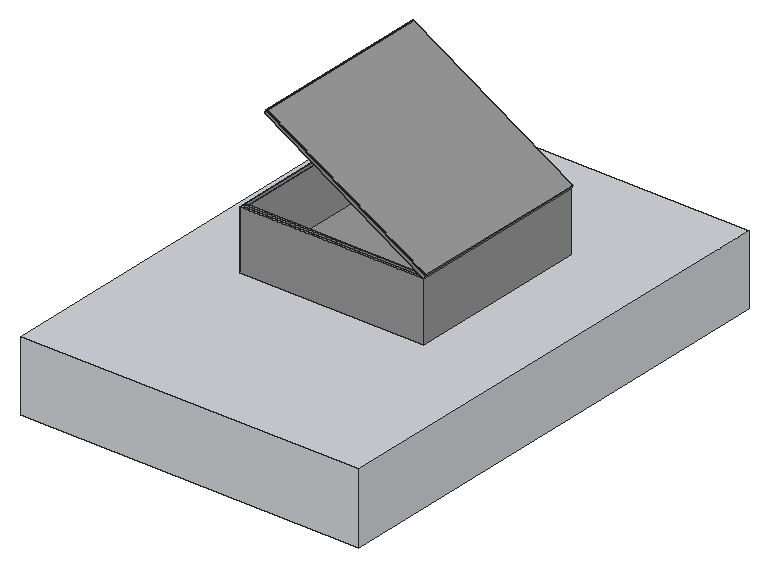
Revit family "Hager-Univers-IP55-D275-H800-Cl.I-Steel_encl-DE-de", category Equipement électrique, Revit 2020
Family settings
  Hôte = Face
  Configuration du panneau = Deux colonnes, circuits au sein
  Cote de connecteur circulaire = Utiliser le diamètre
  Type d'élément = Tableau de raccordement
  Couper avec des vides une fois chargée = Non
  Partagée = Non
  Point de calcul de pièce = Non
Parameters (values of type "Aufputz IP55 B800 H800 T275  - FR53E")
  Width Control [instance] = if([EF000008 - Breite] > Min Width, [EF000008 - Breite], Min Width)  # 800 mm
  Commentaires du type = [HG000003 - Bereich]  # "Univers"
  Thickness Door [instance] = if([EF009171 - Materialstärke Tür/Deckel] > 3 mm, 3 mm, [EF009171 - Materialstärke Tür/Deckel])  # 1.5 mm
  Seal Frame Offset [instance] = 17 mm  # constant formula
  Plinth Visibility [instance] = [HG000027 - Sockelhöhe] > 0 mm  # no
  Model = ""
  Min Width [instance] = 100 mm  # constant formula
  Min Height [instance] = 100 mm  # constant formula
  Min Depth [instance] = (2 * [EF009170 - Materialstärke Gehäuse]) + 1 mm  # 4 mm
  Internal Frame Depth [instance] = (Door System Depth * 0.5)  # 9 mm
  Height Control [instance] = if([EF000040 - Höhe] > Min Height, [EF000040 - Höhe], Min Height)  # 800 mm
  HG000027 - Sockelhöhe = 0 mm
  HG000026 - Stehend auf dem Boden = no
  HG000024 - Höhe des unteren Teils = 800 mm
  HG000023 - Gehäuse mit doppeltem Querschnitt = no
  HG000016 - 3D-Türsichtbarkeit [instance] = yes
  HG000015 - Sichtbarkeit der Türöffnung [instance] = no
  HG000014 - Tür rechts [instance] = yes
  HG000013 - Tür links [instance] = not([HG000014 - Tür rechts])  # no
  HG000012 - Türschwenkwinkel [instance] = 30.00°
  HG000010 - Asymmetrische Türen = no
  HG000009 - Doppelflügeligen Tür = no
  HG000006 - Unterputz = no
  HG000004 - Herstellerreferenz = "FR53E"
  HG000003 - Bereich = "Univers"
  HG000002 - Mit tür = yes
  Frame Offset Bottom [instance] = 10 mm  # constant formula
  Frame Offset [instance] = 15 mm  # constant formula
  EF015940 - Deckel mit Überdruckentlastung = no
  EF011959 - Schutzart (NEMA) = ""
  EF009554 - Anzahl der Öffnungen für Flanschplatten = 6
  Fabricant = "Hager"  # constant formula
  EF009212 - Ausführung Deckel = "EV000116 - geschlossen"
  EF009171 - Materialstärke Tür/Deckel = 1.5 mm
  EF009170 - Materialstärke Gehäuse = 1.5 mm
  EF008873 - Nennstrom (In) = 800 A
  EF007800 - Geeignet für Blitzschutz = no
  EF006306 - Mit Schloss = no
  EF006244 - Transparenter Deckel/Tür = no
  EF005474 - Schutzart (IP) = "EV006420 - IP55"
  EF004464 - Art der Tür = "EV002646 - Einzel"
  EF004427 - Anzahl der Module = 180
  EF004293 - Schlagfestigkeit = "EV008784 - IK10"
  EF003532 - Geeignet für Außengebrauch = no
  EF002950 - Breite in Teilungseinheiten = 24
  EF001613 - Funktionserhalt = "EV000494 - ohne"
  EF001596 - Werkstoff des Gehäuses = "EV000179 - Stahl"
  EF001131 - Innentiefe = 275 mm
  EF001088 - Anbaumöglichkeit = yes
  EF000437 - Anzahl der Leitungseinführungen = 6
  EF000339 - Art der Abdeckung = "EV004216 - Tür"
  EF000266 - Anzahl der Reihen = 5
  EF000218 - Einbautiefe = 0 mm
  EF000118 - Mit Montageplatte = no
  EF000116 - RAL-Nummer = "7035"
  EF000049 - Tiefe = 275 mm
  EF000040 - Höhe = 800 mm
  EF000008 - Breite = 800 mm
  EF000007 - Farbe = "EV000270 - grau"
  EF000003 - Montageart = "EV000384 - Aufputz"
  Door System Leaf Tolerance [instance] = 1.5 mm  # constant formula
  Door System Depth [instance] = 18 mm  # constant formula
  Door Height [instance] = Height Control - [HG000027 - Sockelhöhe]  # 800 mm
  Depth Control [instance] = if([EF000049 - Tiefe] > Min Depth, [EF000049 - Tiefe], Min Depth)  # 275 mm
  Default Elevation = 0 mm
  Connector Offset [instance] = Height Control / 2  # 400 mm
  Bottom Top Plate Trim [instance] = 1.5 mm  # constant formula
  Plinth height Ctrl [instance] = if([HG000027 - Sockelhöhe] > 0 mm, [HG000027 - Sockelhöhe], 12 mm)  # 12 mm
Types (5, lengths in mm): name | Width Control | HG000010 - Asymmetrische Türen | HG000009 - Doppelflügeligen Tür | HG000004 - Herstellerreferenz | EF009554 - Anzahl der Öffnungen für Flanschplatten | EF004464 - Art der Tür | EF004427 - Anzahl der Module | EF000437 - Anzahl der Leitungseinführungen | EF000008 - Breite
  Aufputz IP55 B1050 H800 T275  - FR54E | 1050 | no | yes | "FR54E" | 8 | "EV003602 - Doppel" | 240 | 8 | 1050
  Aufputz IP55 B1300 H800 T275  - FR55E | 1300 | yes | yes | "FR55E" | 10 | "EV003602 - Doppel" | 300 | 10 | 1300
  Aufputz IP55 B300 H800 T275  - FR51E | 300 | no | no | "FR51E" | 2 | "EV002646 - Einzel" | 60 | 2 | 300
  Aufputz IP55 B550 H800 T275  - FR52E | 550 | no | no | "FR52E" | 4 | "EV002646 - Einzel" | 120 | 4 | 550
  Aufputz IP55 B800 H800 T275  - FR53E | 800 | no | no | "FR53E" | 6 | "EV002646 - Einzel" | 180 | 6 | 800
Reference planes
  plane 1 "Center (Front/Back)": y = 0
  plane 2: z = 0
  plane 3 "Center (Left/Right)": x = 0
  plane 4: z = 275
  plane 5: y = 1.5
  plane 6: y = 400
  plane 7: y = 0
  plane 8: y = 800
  plane 9: z = 0
  plane 10: x = -385
  plane 11: x = 385
  plane 12: x = 383.5
  plane 13: x = -383.5
  plane 14: y = 798.5
  plane 15: x = -383
  plane 16: x = -400
  plane 17: x = 383
  plane 18: x = 400
  plane 19: x = 398.5
  plane 20: x = -398.5
  plane 21: y = 11.5
  plane 22: y = 800
  plane 23: y = 783.5
  plane 24: z = 257
  plane 25: z = 1.5
  plane 26: z = 255.5
  plane 27: z = 273.5
Forms (mm)
  Extrusion 1, solid
    sketch origin (0, 0, 0) x (1, 0, 0) y (0, 1, 0)
      loop
        line (-702.964, 1305) -> (-702.964, -811.445) -> (766.763, -811.445) -> (766.763, 1305) -> (-702.964, 1305)
    from 0 to -304.8
  Extrusion 2, solid, material "Hager_Steel_RAL7035_Light_Grey", visible <- "Plinth Visibility", detail levels medium+fine
    sketch origin (0, 0, 0) x (1, 0, 0) y (0, 1, 0)
      loop
        line (-400, 0) -> (400, 0) -> (400, 12) -> (-400, 12) -> (-400, 0)
    from 0 to 257
  Extrusion 3, solid, material "Hager_Steel_RAL7035_Light_Grey", detail levels medium+fine
    sketch origin (0, 0, 0) x (1, 0, 0) y (0, 1, 0)
      loop
        line (-400, 0) -> (400, 0) -> (400, 800) -> (-400, 800) -> (-400, 0)
    from 0 to 257
  Extrusion 4, void
    sketch origin (0, 0, 0) x (1, 0, 0) y (0, 1, 0)
      loop
        line (-398.5, 1.5) -> (398.5, 1.5) -> (398.5, 798.5) -> (-398.5, 798.5) -> (-398.5, 1.5)
    from 1.5 to 255.5
  Extrusion 5, void
    sketch origin (-381.607, -4572, 257) x (0, -1, 0) y (-1, 0, 0)
      loop
        line (-4583.5, 1.893) -> (-5355.5, 1.893) -> (-5355.5, -765.107) -> (-4583.5, -765.107) -> (-4583.5, 1.893)
    from 0 to 1.5 <- "EF009170 - Materialstärke Gehäuse"
  Extrusion 6, solid, material "Hager_Steel_RAL7035_Light_Grey", detail levels fine
    sketch origin (0, 0, 257) x (1, 0, 0) y (0, 1, 0)
      loop
        line (-383.5, 783.5) -> (-383.5, 11.5) -> (383.5, 11.5) -> (383.5, 783.5) -> (-383.5, 783.5)
      loop
        line (-385, 10) -> (385, 10) -> (385, 785) -> (-385, 785) -> (-385, 10)
    from 0 to 9 <- "Internal Frame Depth"
  Extrusion 7, solid, material "Hager_Steel_RAL7035_Light_Grey", detail levels coarse
    sketch origin (0, 0, 0) x (1, 0, 0) y (0, 1, 0)
      loop
        line (-400, 0) -> (400, 0) -> (400, 800) -> (-400, 800) -> (-400, 0)
    from 0 to 275
  Sweep 8, void
    path in 3D
      loop
        line (-400, 12, 0) -> (400, 12, 0) -> (400, 12, 257) -> (-400, 12, 257) -> (-400, 12, 0)
    profile origin (-400, 12, 128.5) x (-1, 0, 0) y (0, -1, 0)
      loop
        line (0, 0) -> (0, 1.5) -> (-1.5, 1.5)
        arc (-1.5, 1.5) -> (-1.061, 0.439) -> (0, 0) r 1.5
Cuts and joins
  Extrusion 4, Extrusion 5 cuts Extrusion 3
  Sweep 8 cuts Extrusion 2
Lines and regions (mm)
  Masking region 1
    outline origin (0, 0, 0) x (1, 0, 0) y (0, 0, 1)
      loop
        line (-400, 275) -> (-400, 0) -> (400, 0) -> (400, 275) -> (-400, 275)
  Masking region 2, detail levels medium+fine
    outline origin (0, 140, 0) x (0, 1, 0) y (0, 0, 1)
      loop
        line (-140, 0) -> (660, 0) -> (660, 257) -> (-140, 257) -> (-140, 0)
  Masking region 3, not visible, detail levels medium+fine
    outline origin (0, 297.922, 0) x (0, 1, 0) y (0, 0, 1)
      loop
        line (113.578, 0) -> (153.578, 0) -> (153.578, 263.5)
        arc (153.578, 263.5) -> (150.649, 270.571) -> (143.578, 273.5) r 10
        line (143.578, 273.5) -> (113.578, 273.5) -> (113.578, 0)
  Masking region 4, detail levels coarse
    outline origin (0, 0, 180) x (0, 1, 0) y (0, 0, 1)
      loop
        line (0, -180) -> (800, -180) -> (800, 95) -> (0, 95) -> (0, -180)
  Masking region 5, visible <- "Plinth Visibility", detail levels medium+fine
    outline origin (0, 52.24, 12.345) x (0, 0, -1) y (0, 1, 0)
      loop
        line (10.845, -40.24) -> (-243.155, -40.24)
        arc (-243.155, -40.24) -> (-243.594, -41.301) -> (-244.655, -41.74) r 1.5
        line (-244.655, -41.74) -> (-244.655, -52.24) -> (12.345, -52.24) -> (12.345, -41.74)
        arc (12.345, -41.74) -> (11.285, -41.301) -> (10.845, -40.24) r 1.5
  Masking region 6, detail levels medium+fine
    outline origin (-381.607, -4572, 257) x (-1, 0, 0) y (0, -1, 0)
      loop
        line (18.393, -5372) -> (18.393, -4572) -> (-781.607, -4572) -> (-781.607, -5372) -> (18.393, -5372)
  Masking region 7, visible <- "Plinth Visibility", detail levels medium+fine
    outline origin (-381.607, -4727, 257) x (-1, 0, 0) y (0, -1, 0)
      loop
        arc (16.893, -4739) -> (17.332, -4737.939) -> (18.393, -4737.5) r 1.5
        line (18.393, -4737.5) -> (18.393, -4727) -> (-781.607, -4727) -> (-781.607, -4737.5)
        arc (-781.607, -4737.5) -> (-780.546, -4737.939) -> (-780.107, -4739) r 1.5
        line (-780.107, -4739) -> (16.893, -4739)
  Masking region 8, detail levels coarse
    outline origin (-442.548, -4669.526, 257) x (-1, 0, 0) y (0, -1, 0)
      loop
        line (-42.548, -5469.526) -> (-42.548, -4669.526) -> (-842.548, -4669.526) -> (-842.548, -5469.526) -> (-42.548, -5469.526)
  sketch lines
    curve 1: line (-400, 12, 257) -> (-400, 12, 0)
    curve 2: line (400, 12, 257) -> (-400, 12, 257)
    curve 3: line (400, 12, 257) -> (400, 12, 0)
    curve 4: line (-400, 12, 0) -> (400, 12, 0)
Dimensions and locks
  "Depth Control": plane 4 to Extrusion 1
  "HG000027 - Sockelhöhe": plane 1 "Center (Front/Back)" to plane 7
  "EF009170 - Materialstärke Gehäuse": plane 5 to plane 7
  locked: connector elem to plane 3 "Center (Left/Right)"
  equal spacing: plane 8, plane 6, plane 7
  locked: connector elem to plane 6
  "EF009170 - Materialstärke Gehäuse": plane 8 to plane 14
  "EF009170 - Materialstärke Gehäuse": plane 10 to plane 13
  "EF009170 - Materialstärke Gehäuse": plane 12 to plane 11
  "Frame Offset": plane 20 to plane 13
  "Frame Offset": plane 12 to plane 19
  "EF009170 - Materialstärke Gehäuse": plane 16 to plane 20
  "EF009170 - Materialstärke Gehäuse": plane 19 to plane 18
  "Seal Frame Offset": plane 16 to plane 15
  "Seal Frame Offset": plane 17 to plane 18
  "Frame Offset Bottom": plane 21 to plane 5
  "Frame Offset": plane 14 to plane 23
  equal spacing: plane 16, plane 3 "Center (Left/Right)", plane 18
  "Width Control": plane 16 to plane 18
  "EF009170 - Materialstärke Gehäuse": plane 4 to plane 27
  "EF009170 - Materialstärke Gehäuse": plane 24 to plane 26
  "EF009170 - Materialstärke Gehäuse": plane 25 to level
  "Door System Depth": plane 4 to plane 24
  "Height Control": plane 1 "Center (Front/Back)" to Extrusion 7 sketch curve
  "Height Control": Masking region 4 sketch curve to plane 1 "Center (Front/Back)"
  "Height Control": plane 1 "Center (Front/Back)" to plane 22
  "Bottom Top Plate Trim": profile plane to Sweep 8 sketch curve
  "Bottom Top Plate Trim": Sweep 8 sketch curve to profile plane
  "Plinth height Ctrl": plane 1 "Center (Front/Back)" to Extrusion 2 sketch curve
  "Plinth height Ctrl": Masking region 5 sketch curve to plane 1 "Center (Front/Back)"
  "Plinth height Ctrl": plane 1 "Center (Front/Back)" to Masking region 7 sketch curve
  "Thickness Door": Extrusion 6 sketch curve to Extrusion 6 sketch curve  (x3)
  "Thickness Door": cut or joined group of Extrusion 3, Extrusion 4, Extrusion 5 to Extrusion 6 sketch curve
  radius of Masking region 3 sketch curve = 10 mm
  "Bottom Top Plate Trim": radius of Masking region 5 sketch curve  (x2)
  "Bottom Top Plate Trim": radius of Sweep 8 sketch curve
  "Bottom Top Plate Trim": radius of Masking region 7 sketch curve  (x2)
  aligned and locked: plane 2 to Extrusion 1
  aligned and locked: level to Extrusion 1
  aligned and locked: level to Masking region 1 sketch curve
  aligned and locked: Masking region 1 sketch curve to plane 18
  aligned and locked: Masking region 1 sketch curve to plane 16
  aligned and locked: plane 7 to Masking region 2 sketch curve
  aligned and locked: level to Masking region 3 sketch curve
  aligned and locked: Masking region 3 sketch curve to plane 27
  aligned and locked: level to Masking region 2 sketch curve
  aligned and locked: plane 1 "Center (Front/Back)" to Extrusion 2 sketch curve
  aligned and locked: Extrusion 3 sketch curve to plane 7
  aligned and locked: plane 16 to Extrusion 3 sketch curve
  aligned and locked: plane 18 to Extrusion 3 sketch curve
  aligned and locked: plane 20 to Extrusion 4 sketch curve
  aligned and locked: plane 19 to Extrusion 4 sketch curve
  aligned and locked: Extrusion 4 sketch curve to plane 5
  aligned and locked: Extrusion 4 to plane 25
  aligned and locked: plane 26 to Extrusion 4
  aligned and locked: plane 24 to Extrusion 3
  aligned and locked: Extrusion 5 sketch curve to plane 21
  aligned and locked: Extrusion 5 sketch curve to plane 13
  aligned and locked: Extrusion 5 sketch curve to plane 12
  aligned and locked: plane 18 to Extrusion 7 sketch curve
  aligned and locked: plane 1 "Center (Front/Back)" to Extrusion 7 sketch curve
  aligned and locked: plane 16 to Extrusion 7 sketch curve
  aligned and locked: plane 4 to Extrusion 7
  aligned and locked: Extrusion 7 to level
  aligned and locked: level to Masking region 4 sketch curve
  aligned and locked: Masking region 4 sketch curve to plane 1 "Center (Front/Back)"
  aligned and locked: Masking region 4 sketch curve to plane 4
  aligned and locked: nested 1 to level
  aligned and locked: nested 1 to plane 16
  aligned and locked: plane 8 to Extrusion 3 sketch curve
  aligned and locked: plane 23 to Extrusion 5 sketch curve
  aligned and locked: plane 14 to Extrusion 4 sketch curve
  aligned and locked: Masking region 2 sketch curve to plane 8
  aligned and locked: level to Masking region 5 sketch curve
  aligned and locked: plane 16 to Extrusion 2 sketch curve
  aligned and locked: plane 18 to Extrusion 2 sketch curve
  aligned and locked: Masking region 5 sketch curve to plane 24
  aligned and locked: Masking region 2 sketch curve to plane 24
  aligned and locked: plane 24 to Extrusion 2
  aligned and locked: profile plane to Sweep 8 sketch curve  (x2)
  aligned and locked: Masking region 6 sketch curve to plane 18
  aligned and locked: Masking region 6 sketch curve to plane 22
  aligned and locked: Masking region 6 sketch curve to plane 16
  aligned and locked: plane 8 to plane 22
  aligned and locked: Masking region 6 sketch curve to plane 7
  aligned and locked: Masking region 7 sketch curve to plane 16
  aligned and locked: Masking region 7 sketch curve to plane 1 "Center (Front/Back)"
  aligned and locked: Masking region 7 sketch curve to plane 18
  aligned and locked: Masking region 8 sketch curve to plane 1 "Center (Front/Back)"
  aligned and locked: Masking region 8 sketch curve to plane 18
  aligned and locked: Masking region 8 sketch curve to plane 22
  aligned and locked: Masking region 8 sketch curve to plane 16
  aligned and locked: nested 2 to plane 7
  aligned and locked: plane 3 "Center (Left/Right)" to nested 2
  aligned and locked: nested 2 to plane 24
  aligned and locked: Extrusion 6 sketch curve to cut or joined group of Extrusion 3, Extrusion 4, Extrusion 5  (x4)
Automatic sketch dimensions
  Extrusion 1 sketch curve to Extrusion 1 sketch curve = 1469.727 mm
  Extrusion 1 sketch curve to Extrusion 1 sketch curve = 2116.445 mm
  Masking region 1 sketch curve to plane 4 = 0 mm
  plane 6 to Masking region 3 sketch curve = 11.5 mm
  Masking region 3 sketch curve to Masking region 3 sketch curve = 30 mm
  Masking region 5 sketch curve to plane 1 "Center (Front/Back)" = 0 mm
Nested families
  nested 1: "Hager_Enclosure_Symbol" at (-400, 0, 0) x (1, 0, 0) z (0, -1, 0), Height <- "Depth Control", Width <- "Width Control", type "Hager_Enclosure_Symbol"
    with Width_Ctrl 800 mm, Width 800 mm, Height_Ctrl 275 mm, Height 275 mm, A_Width_Int 18.047 mm, A_Width 216.562 mm, A_Height_Ctrl 240.625 mm, A_Height 240.625 mm
  nested 2: "EC000058_Univers_Door" at (0, 0, 257) x (1, 0, 0) z (0, 1, 0), Leaf_Tolerance <- "Door System Leaf Tolerance", Angle <- "HG000012 - Türschwenkwinkel", Door_Depth <- "Door System Depth", Door_Left <- "HG000013 - Tür links", Transparent <- "EF006244 - Transparenter Deckel/Tür", Assymetrical <- "HG000010 - Asymmetrische Türen", Width <- "Width Control", Clearance <- "HG000015 - Sichtbarkeit der Türöffnung", Double <- "HG000009 - Doppelflügeligen Tür", 3d_Door <- "HG000016 - 3D-Türsichtbarkeit", Lock_Visibility <- "EF006306 - Mit Schloss", Width_Ctrl <- "Width Control", Door_Right <- "HG000014 - Tür rechts", Door <- "HG000002 - Mit tür", Height <- "Door Height", Thickness <- "Thickness Door", type "EC000058_Univers_Door", detail levels medium+fine
    with min_wh 4 mm, Width_Ctrl 800 mm, Width 800 mm, Transparent no, Thickness 1.5 mm, Seal_Material Hager_Rubber, Lock_Visibility no, Lock_Material Hager_Plastic_RAL9005_Jet_Black, Leaf_Width 800 mm, Leaf_Tolerance_External_Sides 0 mm, Leaf_Tolerance 1.5 mm, Leaf_Offset 0 mm, Leaf_Height 797 mm, Leaf_2_Width 800 mm, Leaf_2_Offset 400 mm, Leaf_1_Width 800 mm, Leaf_1_Offset 400 mm, Height_Ctrl 800 mm, Height 800 mm, Glass_Material Hager_Glass, Double_Clearance_Ctrl no, Double no, Door_Right_Ctrl yes, Door_Right yes, Door_Material Hager_Steel_RAL7035_Light_Grey, Door_Left_Ctrl no, Door_Left no, Door_Depth 18 mm, Door yes, Clearance_Material Hager_Clearance, Clearance_Depth 800 mm, Clearance_Ctrl no, Clearance no, Assymetrical no, Angle 30.00°, 3d_Door yes
Connectors
  electrical at (0, 400, 0)
    settings: on plane 9, index 1, voltage 0 V, apparent load 0 VA, apparent load phase1 0 VA, apparent load phase2 0 VA, apparent load phase3 0 VA, power factor 1, load classification "Other", number of poles 1, system type 30, power factor state 1, is connector primary yes, connector utility no, sub classification motor no, connector description ""
Definition of nested family "EC000058_Univers_Door"
  Parameters (values of type "EC000058_Univers_Door")
    min_wh [instance] = (2 * Thickness) + 1 mm  # 11 mm
    Width_Ctrl [instance] = 400 mm
    Width [instance] = 500 mm
    Transparent [instance] = yes
    Thickness [instance] = 5 mm
    Seal_Material [instance] = none
    Lock_Visibility [instance] = yes
    Lock_Material [instance] = none
    Leaf_Width [instance] = if((Width_Ctrl - 2 * Leaf_Tolerance_External_Sides) > 0 mm, (Width_Ctrl - 2 * Leaf_Tolerance_External_Sides), min_wh)  # 400 mm
    Leaf_Tolerance_External_Sides [instance] = 0 mm  # constant formula
    Leaf_Tolerance [instance] = 1.5 mm
    Leaf_Offset [instance] = 0 mm  # constant formula
    Leaf_Height [instance] = if((Height_Ctrl - 2 * Leaf_Tolerance) > 0 mm, (Height_Ctrl - 2 * Leaf_Tolerance), min_wh)  # 497 mm
    Leaf_2_Width [instance] = if(and(and(Double, Assymetrical), Door_Left), (Leaf_Width / 3) - (Leaf_Tolerance / 2), if(and(and(Double, Assymetrical), Door_Right), (Leaf_Width / 3) * 2 - (Leaf_Tolerance / 2), if(and(Double, not(Assymetrical)), (Leaf_Width / 2) - Leaf_Tolerance, Leaf_Width)))  # 400 mm
    Leaf_2_Offset [instance] = if(and(Double, Assymetrical), Leaf_2_Width / 2, if(and(Double, not(Assymetrical)), Leaf_Width / 4, Leaf_Width / 2))  # 200 mm
    Leaf_1_Width [instance] = if(and(and(Double, Assymetrical), Door_Right), (Leaf_Width / 3) - (Leaf_Tolerance / 2), if(and(and(Double, Assymetrical), Door_Left), (Width / 3) * 2 - (Leaf_Tolerance / 2), if(and(Double, not(Assymetrical)), (Leaf_Width / 2) - Leaf_Tolerance, Leaf_Width)))  # 400 mm
    Leaf_1_Offset [instance] = if(and(Double, Assymetrical), Leaf_1_Width / 2, if(and(Double, not(Assymetrical)), Leaf_Width / 4, Leaf_Width / 2))  # 200 mm
    Height_Ctrl [instance] = if(Height > min_wh, Height, min_wh)  # 500 mm
    Height [instance] = 500 mm
    Glass_Material [instance] = none
    Double_Clearance_Ctrl [instance] = and(Double, Clearance)  # no
    Double [instance] = no
    Door_Right_Ctrl [instance] = and(or(Door_Right, Double), Door)  # yes
    Door_Right [instance] = yes
    Door_Material [instance] = none
    Door_Left_Ctrl [instance] = and(or(Door_Left, Double), Door)  # no
    Door_Left [instance] = no
    Door_Depth [instance] = 30 mm
    Door [instance] = yes
    Default Elevation = 1219.2 mm
    Clearance_Material [instance] = none
    Clearance_Depth [instance] = if(Leaf_1_Width > Leaf_2_Width, Leaf_1_Width, Leaf_2_Width)  # 400 mm
    Clearance_Ctrl [instance] = and(not(Double), Clearance)  # yes
    Clearance [instance] = yes
    Assymetrical [instance] = yes
    Angle [instance] = 30.00°
    3d_Door [instance] = yes
  Reference planes
    plane 1 "Center (Front/Back)": y = 0
    plane 2 "Bottom": z = 0
    plane 3 "Center (Left/Right)": x = 0
    plane 4: z = 500
    plane 5: x = -200
    plane 6: x = 200
    plane 7: z = 500
    plane 8: x = -200
    plane 9: z = 0
    plane 10: x = 200
    plane 11: y = 0
    plane 12: z = 1.5
    plane 13: x = -600
    plane 14: y = -400
    plane 15: x = 600
    plane 16: x = 0
    plane 17: x = 0
    plane 18: x = -200
    plane 19: x = 200
    plane 20: z = 498.5
  Forms (mm)
    Extrusion 1, solid, material <- "Clearance_Material", visible <- "Double_Clearance_Ctrl"
      sketch origin (1200, 0, 0) x (1, 0, 0) y (0, 0, -1)
        loop
          line (-1800, -498.5) -> (-600, -498.5) -> (-600, 0) -> (-1800, 0) -> (-1800, -498.5)
      from 0 to -400
  Dimensions and locks
    equal spacing: plane 5, plane 3 "Center (Left/Right)", plane 6
    "Width_Ctrl": plane 5 to plane 6
    "Leaf_Offset": plane 5 to plane 8
    "Leaf_Offset": plane 6 to plane 10
    "Leaf_Offset": plane 9 to level
    "Leaf_Offset": plane 4 to plane 7
    "Height_Ctrl": plane 4 to level
    "Leaf_Tolerance": plane 12 to plane 9
    locked: plane 11 to plane 1 "Center (Front/Back)"
    "Leaf_1_Offset": plane 18 to plane 16
    "Leaf_2_Offset": plane 17 to plane 19
    "Leaf_1_Width": plane 13 to plane 8
    "Leaf_2_Width": plane 10 to plane 15
    "Clearance_Depth": plane 14 to plane 1 "Center (Front/Back)"
    "Leaf_Tolerance_External_Sides": plane 8 to plane 18
    "Leaf_Tolerance_External_Sides": plane 19 to plane 10
    "Leaf_Tolerance": plane 7 to plane 20
    aligned and locked: level to plane 2 "Bottom"
    aligned and locked: nested 1 to plane 16
    aligned and locked: nested 2 to plane 17
    aligned and locked: Extrusion 1 to plane 13
    aligned and locked: plane 15 to Extrusion 1
    aligned and locked: Extrusion 1 to plane 14
    aligned and locked: plane 12 to nested 1
    aligned and locked: nested 2 to plane 12
    aligned and locked: Extrusion 1 to plane 11
    aligned and locked: plane 20 to Extrusion 1
    aligned and locked: nested 2 to plane 11
    aligned and locked: nested 1 to plane 11
  Automatic sketch dimensions
    Extrusion 1 sketch curve to level = 0 mm
    plane 5 to Extrusion 1 sketch curve = 400 mm
    plane 6 to Extrusion 1 sketch curve = 400 mm
    Extrusion 1 sketch curve to plane 4 = 1.5 mm
  Nested families
    nested 1: "EC000058_Univers_Door_Leaf" at (0, 0, 1.5), Width <- "Leaf_1_Width", visible <- "Door_Left_Ctrl", Leaf_Height <- "Leaf_Height", Angle <- "Angle", 3d_Door <- "3d_Door", Transparent <- "Transparent", Clearance Material <- "Clearance_Material", Clearance <- "Clearance_Ctrl", Door_Material <- "Door_Material", Glass_Material <- "Glass_Material", Door_Depth <- "Door_Depth", Lock_Material <- "Lock_Material", Seal_Material <- "Seal_Material", Lock_Visibility <- "Lock_Visibility", Thickness <- "Thickness", type "EC000058_Univers_Door_Leaf"
      with Width 400 mm, Transparent_Glass_Offset 30 mm, Transparent_Ctrl yes, Transparent yes, Thickness 5 mm, Standard no, Seal_Material none, Seal_D2 8 mm, Seal_D1 1 mm, Offset_Internal_Frame 10 mm, Lock_Width 20 mm, Lock_Visibility_3d yes, Lock_Visibility yes, Lock_Thickness_3 3 mm, Lock_Thickness_2 1 mm, Lock_Thickness_1 3 mm, Lock_Radius_Offset_2 16 mm, Lock_Radius_Offset_1 15 mm, Lock_Radius_2 5 mm, Lock_Radius 6 mm, Lock_Offset 5 mm, Lock_Material none, Lock_Height 80 mm, Lock_Cover_Top_Offset_2d 17 mm, Lock_Cover_Height -65 mm, Leaf_Height 497 mm, Internal_Seal_Thickness 8 mm, Internal_Seal_Depth_2 4.5 mm, Internal_Frame_Depth 25 mm, Glass_Thickness -1 mm, Glass_Offset -2 mm, Glass_Material none, Door_Material none, Door_Depth 30 mm, Clearance Material none, Clearance yes, Angle_Ctrl 30.00°, Angle 30.00°, 3d_Door yes
    nested 2: "EC000058_Univers_Door_Leaf" at (0, 0, 1.5) x (-1, 0, 0) z (0, 0, 1), Width <- "Leaf_2_Width", visible <- "Door_Right_Ctrl", Leaf_Height <- "Leaf_Height", Angle <- "Angle", 3d_Door <- "3d_Door", Transparent <- "Transparent", Clearance Material <- "Clearance_Material", Clearance <- "Clearance_Ctrl", Door_Material <- "Door_Material", Glass_Material <- "Glass_Material", Door_Depth <- "Door_Depth", Lock_Material <- "Lock_Material", Seal_Material <- "Seal_Material", Lock_Visibility <- "Lock_Visibility", Thickness <- "Thickness", type "EC000058_Univers_Door_Leaf"
      with Width 400 mm, Transparent_Glass_Offset 30 mm, Transparent_Ctrl yes, Transparent yes, Thickness 5 mm, Standard no, Seal_Material none, Seal_D2 8 mm, Seal_D1 1 mm, Offset_Internal_Frame 10 mm, Lock_Width 20 mm, Lock_Visibility_3d yes, Lock_Visibility yes, Lock_Thickness_3 3 mm, Lock_Thickness_2 1 mm, Lock_Thickness_1 3 mm, Lock_Radius_Offset_2 16 mm, Lock_Radius_Offset_1 15 mm, Lock_Radius_2 5 mm, Lock_Radius 6 mm, Lock_Offset 5 mm, Lock_Material none, Lock_Height 80 mm, Lock_Cover_Top_Offset_2d 17 mm, Lock_Cover_Height -65 mm, Leaf_Height 497 mm, Internal_Seal_Thickness 8 mm, Internal_Seal_Depth_2 4.5 mm, Internal_Frame_Depth 25 mm, Glass_Thickness -1 mm, Glass_Offset -2 mm, Glass_Material none, Door_Material none, Door_Depth 30 mm, Clearance Material none, Clearance yes, Angle_Ctrl 30.00°, Angle 30.00°, 3d_Door yes
  Definition of nested family "EC000058_Univers_Door_Leaf"
    Parameters (values of type "EC000058_Univers_Door_Leaf")
      Width [instance] = 2000 mm
      Transparent_Glass_Offset [instance] = 30 mm
      Transparent_Ctrl [instance] = and(Transparent, [3d_Door])  # yes
      Transparent [instance] = yes
      Thickness [instance] = 5 mm
      Standard [instance] = and(not(Transparent), [3d_Door])  # no
      Seal_Material [instance] = none
      Seal_D2 [instance] = 8 mm  # constant formula
      Seal_D1 [instance] = 1 mm  # constant formula
      Offset_Internal_Frame [instance] = 10 mm  # constant formula
      Lock_Width [instance] = 20 mm  # constant formula
      Lock_Visibility_3d [instance] = and(Lock_Visibility, [3d_Door])  # yes
      Lock_Visibility [instance] = yes
      Lock_Thickness_3 [instance] = 3 mm  # constant formula
      Lock_Thickness_2 [instance] = 1 mm  # constant formula
      Lock_Thickness_1 [instance] = 3 mm  # constant formula
      Lock_Radius_Offset_2 [instance] = Lock_Radius_Offset_1 + 1 mm  # 16 mm
      Lock_Radius_Offset_1 [instance] = 15 mm  # constant formula
      Lock_Radius_2 [instance] = Lock_Radius - 1 mm  # 5 mm
      Lock_Radius [instance] = 6 mm  # constant formula
      Lock_Offset [instance] = 5 mm  # constant formula
      Lock_Material [instance] = none
      Lock_Height [instance] = 80 mm  # constant formula
      Lock_Cover_Top_Offset_2d [instance] = Lock_Radius_Offset_2 + 1 mm  # 17 mm
      Lock_Cover_Height [instance] = -(Lock_Height - Lock_Radius_Offset_1)  # -65 mm
      Leaf_Height [instance] = 2720.336 mm
      Internal_Seal_Thickness [instance] = 8 mm  # constant formula
      Internal_Seal_Depth_2 [instance] = 4.5 mm  # constant formula
      Internal_Frame_Depth [instance] = if(Door_Depth - Thickness > 5 mm, Door_Depth - Thickness, 5 mm)  # 25 mm
      Glass_Thickness [instance] = if(Thickness > 15 mm, Glass_Offset + 10 mm, -1 mm)  # -1 mm
      Glass_Offset [instance] = if(Thickness > 15 mm, -(Thickness + 10 mm) / 2, -2 mm)  # -2 mm
      Glass_Material [instance] = none
      Door_Material [instance] = none
      Door_Depth [instance] = 30 mm
      Default Elevation = 0 mm
      Clearance Material [instance] = none
      Clearance [instance] = yes
      Angle_Ctrl [instance] = if(Angle > 180.00°, 180.00°, Angle)  # 90.00°
      Angle [instance] = 90.00°
      3d_Door [instance] = yes
    Reference planes
      plane 1 "Center (Front/Back)": y = 0
      plane 2: z = 0
      plane 3 "Center (Left/Right)": x = 0
      plane 4: y = 2000
      plane 5: x = -1000
      plane 6: x = 1000
      plane 7: x = -3000
      plane 8: z = 2720.336
      plane 9: z = 30
      plane 10: z = 2690.336
      plane 11: x = 970
      plane 12: x = -970
      plane 13: y = -3
      plane 14: z = 107.833
      plane 15: y = -5
      plane 16: y = -223.314
      plane 17: x = -1000
      plane 18: z = 1360.168
      plane 19: y = 30
    Forms (mm)
      Extrusion 1, solid, material <- "Clearance Material", visible <- "Clearance"
        sketch origin (0, 0, 0) x (1, 0, 0) y (0, 0, 1)
          loop
            line (-3000, 2720.336) -> (-3000, 0) -> (1000, 0) -> (1000, 2720.336) -> (-3000, 2720.336)
        from 0 to -2000
      Extrusion 2, solid, material <- "Door_Material", visible <- "Standard", detail levels medium+fine
        sketch origin (-1000, 0, 0) x (0, 1, 0) y (-1, 0, 0)
          loop
            line (0, 30) -> (0, 25) -> (2000, 25) -> (2000, 30) -> (0, 30)
        from 0 to 2720.336 <- "Leaf_Height"
      Extrusion 3, solid, material <- "Door_Material", visible <- "Transparent_Ctrl", detail levels medium+fine
        sketch origin (-1000, 0, 0) x (0, 1, 0) y (-1, 0, 0)
          loop
            line (0, 25) -> (2000, 25) -> (2000, 30) -> (0, 30) -> (0, 25)
        from 0 to 2720.336 <- "Leaf_Height"
      Extrusion 4, void
        sketch origin (-1025, 2000, 0) x (0, 1, 0) y (0, 0, -1)
          loop
            line (-30, -2690.336) -> (-30, -30) -> (-1970, -30) -> (-1970, -2690.336) -> (-30, -2690.336)
        from 0 to 5 <- "Thickness"
      Sweep 5, solid, material <- "Seal_Material", visible <- "Transparent_Ctrl", detail levels fine
        path in 3D
          loop
            line (-1025, 30, 30) -> (-1025, 30, 2690.336) -> (-1025, 1970, 2690.336) -> (-1025, 1970, 30) -> (-1025, 30, 30)
        profile origin (-1025, 1000, 30) x (1, 0, 0) y (0, 0, 1)
          loop
            line (0, 0) -> (0, -8) -> (1, -8) -> (1, 0) -> (0, 0)
      Extrusion 6, solid, material <- "Glass_Material", visible <- "Transparent_Ctrl", detail levels medium+fine
        sketch origin (-1030, 0, 0) x (0, 1, 0) y (0, 0, -1)
          loop
            line (1970, -2690.336) -> (1970, -30) -> (30, -30) -> (30, -2690.336) -> (1970, -2690.336)
        from -2 <- "Glass_Offset" to -1 <- "Glass_Thickness"
      Extrusion 7, solid, material <- "Door_Material", visible <- "3d_Door", detail levels medium+fine
        sketch origin (-1025, 2000, 0) x (0, -1, 0) y (0, 0, -1)
          loop
            line (0, -2720.336) -> (2000, -2720.336) -> (2000, 0) -> (0, 0) -> (0, -2720.336)
          loop
            line (1995, -5) -> (5, -5) -> (5, -2715.336) -> (1995, -2715.336) -> (1995, -5)
        from 0 to 25 <- "Internal_Frame_Depth"
      Sweep 8, solid, material <- "Seal_Material", visible <- "Transparent_Ctrl", detail levels fine
        path in 3D
          loop
            line (-1025, 0, 0) -> (-1025, 2000, 0) -> (-1025, 2000, 2720.336) -> (-1025, 0, 2720.336) -> (-1025, 0, 0)
        profile origin (-1025, 0, 1360.168) x (1, 0, 0) y (0, 1, 0)
          loop
            line (0, 10) -> (2.975, 10)
            arc (2.975, 10) -> (4.053, 10.447) -> (4.5, 11.525) r 1.525
            line (4.5, 11.525) -> (4.5, 16.527)
            arc (4.5, 16.527) -> (4.069, 17.569) -> (3.027, 18) r 1.473
            line (3.027, 18) -> (0, 18) -> (0, 10)
      Extrusion 9, solid, material <- "Lock_Material", visible <- "Lock_Visibility_3d", detail levels fine
        sketch origin (-1030, 0, 0) x (0, 1, 0) y (0, 0, -1)
          loop
            arc (1993.5, -1400.168) -> (1994.561, -1399.729) -> (1995, -1398.668) r 1.5
            line (1995, -1398.668) -> (1995, -1320.168) -> (1975, -1320.168) -> (1975, -1398.668)
            arc (1975, -1398.668) -> (1975.439, -1399.729) -> (1976.5, -1400.168) r 1.5
            line (1976.5, -1400.168) -> (1993.5, -1400.168)
        from 3 <- "Lock_Thickness_1" to 0
      Blend 10, solid, material <- "Lock_Material", visible <- "Lock_Visibility_3d", detail levels fine
        base sketch origin (-1033, 0, 0) x (0, 1, 0) y (0, 0, -1)
          loop
            line (1975, -1320.168) -> (1975, -1398.668)
            arc (1975, -1398.668) -> (1975.439, -1399.729) -> (1976.5, -1400.168) r 1.5
            line (1976.5, -1400.168) -> (1993.5, -1400.168)
            arc (1993.5, -1400.168) -> (1994.561, -1399.729) -> (1995, -1398.668) r 1.5
            line (1995, -1398.668) -> (1995, -1320.168) -> (1975, -1320.168)
        top sketch origin (-1033, 0, 0) x (0, 1, 0) y (0, 0, -1)
          loop
            line (1976, -1320.168) -> (1976, -1398.668)
            arc (1976, -1398.668) -> (1976.146, -1399.022) -> (1976.5, -1399.168) r 0.5
            line (1976.5, -1399.168) -> (1993.5, -1399.168)
            arc (1993.5, -1399.168) -> (1993.854, -1399.022) -> (1994, -1398.668) r 0.5
            line (1994, -1398.668) -> (1994, -1320.168) -> (1976, -1320.168)
        from 0 to 1 <- "Lock_Thickness_2"
      Blend 11, solid, material <- "Lock_Material", visible <- "Lock_Visibility_3d", detail levels fine
        base sketch origin (-1034, 0, 0) x (0, 1, 0) y (0, 0, -1)
          loop
            line (1978, -1320.168) -> (1978, -1384.168)
            arc (1978, -1384.168) -> (1985, -1391.168) -> (1992, -1384.168) r 7
            line (1992, -1384.168) -> (1992, -1320.168) -> (1978, -1320.168)
        top sketch origin (-1034, 0, 0) x (0, 1, 0) y (0, 0, -1)
          loop
            line (1991, -1320.168) -> (1979, -1320.168) -> (1979, -1383.168)
            arc (1979, -1383.168) -> (1985, -1389.168) -> (1991, -1383.168) r 6
            line (1991, -1383.168) -> (1991, -1320.168)
        from 0 to 3 <- "Lock_Thickness_3"
      Extrusion 12, solid, material <- "Lock_Material", visible <- "Lock_Visibility_3d", detail levels fine
        sketch origin (-1030, 1975, 1320.168) x (1, 0, 0) y (0, -1, 0)
          loop
            line (-7, -19) -> (-7, -1) -> (0, -1) -> (0, 0) -> (-8, 0) -> (-8, -20) -> (0, -20) -> (0, -19) -> (-7, -19)
        from 0 to -65 <- "Lock_Cover_Height"
      Extrusion 13, void
        sketch origin (-1038, 1995, 1320.168) x (-1, 0, 0) y (0, 0, -1)
          loop
            line (-5, -65) -> (0, -65) -> (-5, -60) -> (-5, -65)
        from 0 to 20 <- "Lock_Width"
      Extrusion 14, void
        sketch origin (-1038, 1975, 1320.168) x (0, -1, 0) y (0, 0, -1)
          loop
            circle (-10, -15.995) r 6
          loop
            circle (-10, -15.995) r 5
        from 0 to 2
      Extrusion 15, solid, material <- "Lock_Material", visible <- "Lock_Visibility_3d", detail levels medium
        sketch origin (-1030, 0, 0) x (0, 1, 0) y (0, 0, -1)
          loop
            arc (1993.5, -1400.168) -> (1994.561, -1399.729) -> (1995, -1398.668) r 1.5
            line (1995, -1398.668) -> (1995, -1320.168) -> (1975, -1320.168) -> (1975, -1398.668)
            arc (1975, -1398.668) -> (1975.439, -1399.729) -> (1976.5, -1400.168) r 1.5
            line (1976.5, -1400.168) -> (1993.5, -1400.168)
        from 8 to 0
    Cuts and joins
      Extrusion 4 cuts Extrusion 3
      Extrusion 13, Extrusion 14 cuts Extrusion 9
      Extrusion 14 cuts Blend 11
      Extrusion 13, Extrusion 14 cuts Extrusion 12
      joined: Extrusion 9, Blend 10, Blend 11, Extrusion 12
      Extrusion 14 cuts Extrusion 15
    Lines and regions (mm)
      Masking region 1, visible <- "Lock_Visibility", detail levels fine
        outline origin (0, 0, 0) x (0, 1, 0) y (0, 0, 1)
          loop
            line (30, 1320.168) -> (33, 1320.168) -> (33, 1400.168) -> (30, 1400.168) -> (30, 1320.168)
      Masking region 2, visible <- "Lock_Visibility", detail levels fine
        outline origin (0, 3.143, 0) x (0, 1, 0) y (0, 0, 1)
          loop
            line (29.857, 1354.168) -> (30.857, 1354.168) -> (30.857, 1366.168) -> (29.857, 1366.168) -> (29.857, 1354.168)
      Masking region 3, detail levels medium+fine
        outline origin (0, 0, 0) x (0, 1, 0) y (0, 0, 1)
          loop
            line (0, 0) -> (30, 0) -> (30, 2720.336) -> (0, 2720.336) -> (0, 0)
      Masking region 4, detail levels medium+fine
        outline origin (0, 0, 0) x (1, 0, 0) y (0, 0, 1)
          loop
            line (-1000, 2720.336) -> (-1000, 0) -> (1000, 0) -> (1000, 2720.336) -> (-1000, 2720.336)
      Masking region 5, visible <- "Lock_Visibility", detail levels fine
        outline origin (-47.116, 0, 0) x (1, 0, 0) y (0, 0, 1)
          loop
            arc (1024.616, 1399.168) -> (1023.556, 1398.729) -> (1023.116, 1397.668) r 1.5
            line (1023.116, 1397.668) -> (1023.116, 1320.168) -> (1041.116, 1320.168) -> (1041.116, 1397.668)
            arc (1041.116, 1397.668) -> (1040.677, 1398.729) -> (1039.616, 1399.168) r 1.5
            line (1039.616, 1399.168) -> (1024.616, 1399.168)
      Masking region 6, visible <- "Lock_Visibility", detail levels medium+fine
        outline origin (-25, 0, 0) x (1, 0, 0) y (0, 0, 1)
          loop
            arc (1001.5, 1400.168) -> (1000.439, 1399.729) -> (1000, 1398.668) r 1.5
            line (1000, 1398.668) -> (1000, 1320.168) -> (1020, 1320.168) -> (1020, 1398.668)
            arc (1020, 1398.668) -> (1019.561, 1399.729) -> (1018.5, 1400.168) r 1.5
            line (1018.5, 1400.168) -> (1001.5, 1400.168)
      Masking region 7, visible <- "Lock_Visibility", detail levels fine
        outline origin (-73.735, 0, 0) x (1, 0, 0) y (0, 0, 1)
          loop
            line (1051.735, 1382.168) -> (1065.735, 1382.168) -> (1065.735, 1384.168)
            arc (1065.735, 1384.168) -> (1058.735, 1391.168) -> (1051.735, 1384.168) r 7
            line (1051.735, 1384.168) -> (1051.735, 1382.168)
      Masking region 8, visible <- "Lock_Visibility", detail levels fine
        outline origin (-73.735, 0, 0) x (1, 0, 0) y (0, 0, 1)
          loop
            line (1052.735, 1382.168) -> (1064.735, 1382.168) -> (1064.735, 1383.168)
            arc (1064.735, 1383.168) -> (1058.735, 1389.168) -> (1052.735, 1383.168) r 6
            line (1052.735, 1383.168) -> (1052.735, 1382.168)
      Masking region 9, visible <- "Lock_Visibility", detail levels fine
        outline origin (-25, 0, 0) x (1, 0, 0) y (0, 0, 1)
          loop
            line (1020, 1320.168) -> (1020, 1382.168) -> (1000, 1382.168) -> (1000, 1320.168) -> (1020, 1320.168)
      Masking region 10, detail levels medium+fine
        outline origin (0, 0, 0) x (1, 0, 0) y (0, 0, 1)
          loop
            circle (985, 1335.144) r 6
      Masking region 11, detail levels fine
        outline origin (0, 0, 0) x (1, 0, 0) y (0, 0, 1)
          loop
            circle (985, 1335.144) r 5
      Masking region 12, visible <- "Lock_Visibility", detail levels fine
        outline origin (0, 12.767, 0) x (0, 1, 0) y (0, 0, 1)
          loop
            line (20.233, 1320.168) -> (21.233, 1320.168) -> (21.233, 1399.168) -> (20.233, 1400.168) -> (20.233, 1320.168)
      Masking region 13, visible <- "Lock_Visibility", detail levels fine
        outline origin (0, 13.767, -10) x (0, 1, 0) y (0, 0, 1)
          loop
            line (20.233, 1330.168) -> (23.233, 1330.168) -> (23.233, 1399.168) -> (20.233, 1402.168) -> (20.233, 1330.168)
      Masking region 14, visible <- "Lock_Visibility", detail levels fine
        outline origin (0, 12.767, -10) x (0, 1, 0) y (0, 0, 1)
          loop
            line (20.233, 1330.168) -> (25.233, 1330.168) -> (25.233, 1399.305) -> (20.233, 1394.305) -> (20.233, 1330.168)
      Masking region 15, visible <- "Lock_Visibility", detail levels medium
        outline origin (0, 0, 0) x (0, 1, 0) y (0, 0, 1)
          loop
            line (30, 1320.168) -> (38, 1320.168) -> (38, 1400.168) -> (30, 1400.168) -> (30, 1320.168)
      Masking region 16, visible <- "Lock_Visibility", detail levels fine
        outline origin (-1000, 0, 0) x (0, 1, 0) y (-1, 0, 0)
          loop
            line (1975, 30) -> (1995, 30) -> (1995, 38) -> (1975, 38) -> (1975, 30)
          loop
            line (1979, 37) -> (1976, 37) -> (1976, 34) -> (1978, 34) -> (1979, 37)
          loop
            line (1994, 37) -> (1991, 37) -> (1992, 34) -> (1994, 34) -> (1994, 37)
      Masking region 17, visible <- "Lock_Visibility", detail levels medium
        outline origin (-1000, 0, 0) x (0, 1, 0) y (-1, 0, 0)
          loop
            line (1975, 30) -> (1995, 30) -> (1995, 38) -> (1975, 38) -> (1975, 30)
      symbolic lines
        curve 1: line (1000, 0, 0) -> (-3000, 0, 0)
        curve 2: arc (1000, 0, 0) -> (-1000, 2000, 0) -> (-3000, 0, 0) r 2000
        curve 4: line (-1030, 0, 0) -> (-1030, 2000, 0)
      reference lines
        curve 3: line (-1000, 0, 0) -> (-1000, 2000, 0)
      symbolic lines, detail levels medium+fine
        curve 5: line (-1030, 2000, 0) -> (-1025, 2000, 0)
        curve 7: line (-1025, 0, 0) -> (-1030, 0, 0)
        curve 8: line (-1025, 0, 0) -> (-1000, 0, 0)
        curve 9: line (-1000, 0, 0) -> (-1000, 2000, 0)
        curve 10: line (-1000, 2000, 0) -> (-1025, 2000, 0)
      symbolic lines, detail levels fine
        curve 6: line (-1025, 2000, 0) -> (-1025, 0, 0)
      sketch lines
        curve 11: line (-1025, 0, 2720.336) -> (-1025, 0, 0)
        curve 12: line (-1025, 2000, 0) -> (-1025, 0, 0)
        curve 13: line (-1025, 2000, 2720.336) -> (-1025, 2000, 0)
        curve 14: line (-1025, 0, 2720.336) -> (-1025, 2000, 2720.336)
        curve 15: line (-1025, 1970, 30) -> (-1025, 30, 30)
        curve 16: line (-1025, 30, 30) -> (-1025, 30, 2690.336)
        curve 17: line (-1025, 1970, 2690.336) -> (-1025, 1970, 30)
        curve 18: line (-1025, 30, 2690.336) -> (-1025, 1970, 2690.336)
      symbolic lines, visible <- "Transparent", detail levels medium+fine
        curve 19: line (-970, 0, 2690.336) -> (970, 0, 2690.336)
        curve 20: line (-970, 0, 30) -> (-970, 0, 2690.336)
        curve 21: line (970, 0, 30) -> (-970, 0, 30)
        curve 22: line (970, 0, 2690.336) -> (970, 0, 30)
    Dimensions and locks
      "Width": plane 1 "Center (Front/Back)" to plane 4
      equal spacing: plane 5, plane 3 "Center (Left/Right)", plane 6
      "Width": plane 5 to plane 6
      "Width": plane 7 to plane 5
      "Leaf_Height": plane 8 to level
      "Width": curve 5 to curve 3
      "Width": curve 3 to curve 3
      plane 8 to plane 10 = 30 mm
      plane 9 to level = 30 mm
      plane 12 to plane 5 = 30 mm
      plane 6 to plane 11 = 30 mm
      Extrusion 1 to Extrusion 4 sketch curve = 30 mm
      "Transparent_Glass_Offset": curve 3 to Extrusion 4 sketch curve
      "Transparent_Glass_Offset": Extrusion 4 sketch curve to cut or joined group of Extrusion 3, Extrusion 4  (x2)
      cut or joined group of Extrusion 3, Extrusion 4 to Extrusion 6 sketch curve = 30 mm
      "Transparent_Glass_Offset": cut or joined group of Extrusion 3, Extrusion 4 to Extrusion 4 sketch curve
      "Thickness": curve 6 to curve 4
      "Thickness": Extrusion 7 sketch curve to Extrusion 7 sketch curve  (x4)
      "Door_Depth": curve 4 to curve 3
      "Offset_Internal_Frame": profile plane to Sweep 8 sketch curve
      "Internal_Seal_Thickness": Sweep 8 sketch curve to Sweep 8 sketch curve
      "Internal_Seal_Depth_2": profile plane to Sweep 8 sketch curve
      "Seal_D1": profile plane to Sweep 5 sketch curve
      "Seal_D2": profile plane to Sweep 5 sketch curve
      "Thickness": Extrusion 2 sketch curve to Extrusion 2 sketch curve
      equal spacing: Extrusion 9 sketch curve, plane 18, Extrusion 9 sketch curve  (x2)
      equal spacing: Masking region 1 sketch curve, plane 18, Masking region 1 sketch curve
      "Lock_Height": Masking region 1 sketch curve to Masking region 1 sketch curve
      "Lock_Radius": Masking region 2 sketch curve to plane 18 to Masking region 2 sketch curve
      Masking region 2 sketch curve to Masking region 1 = 1 mm
      "Door_Depth": plane 19 to plane 1 "Center (Front/Back)"
      "Lock_Thickness_1": Masking region 1 sketch curve to plane 19
      "Lock_Width": Extrusion 9 sketch curve to Extrusion 9 sketch curve
      "Lock_Height": Extrusion 9 sketch curve to Extrusion 9 sketch curve
      "Lock_Offset": cut or joined group of Extrusion 3, Extrusion 4 to Extrusion 9 sketch curve
      equal spacing: plane 8, plane 18, level
      "Lock_Radius_Offset_1": Blend 11 sketch curve to Blend 10
      locked: Blend 10 to Blend 11 sketch curve at 2  (x2)
      locked: var sketch to Blend 11 sketch curve at 1  (x2)
      "Lock_Radius_Offset_2": Blend 11 sketch curve to Blend 10
      locked: Extrusion 12 sketch curve to Extrusion 12 sketch curve at 1  (x3)
      Masking region 6 sketch curve to Masking region 6 sketch curve = 80 mm
      "Lock_Height": Masking region 6 sketch curve to Masking region 6 sketch curve
      "Lock_Width": Masking region 6 sketch curve to Masking region 6 sketch curve
      locked: Masking region 6 to Masking region 5 sketch curve at 1  (x3)
      locked: Masking region 5 to Masking region 7 sketch curve at 2  (x2)
      "Lock_Radius_Offset_1": Masking region 5 to Masking region 7 sketch curve
      "Lock_Radius_Offset_2": Masking region 5 to Masking region 8 sketch curve
      locked: Masking region 7 to Masking region 8 sketch curve at 1  (x2)
      "Lock_Cover_Top_Offset_2d": Masking region 5 to Masking region 9 sketch curve
      equal spacing: Masking region 9, Masking region 10 sketch curve, Masking region 9
      equal spacing: Masking region 9, Masking region 11 sketch curve, Masking region 9
      Extrusion 15 sketch curve to Extrusion 15 sketch curve = 80 mm
      "Lock_Width": Extrusion 15 sketch curve to Extrusion 15 sketch curve
      "Lock_Height": Extrusion 15 sketch curve to Extrusion 15 sketch curve
      equal spacing: Extrusion 15 sketch curve, plane 18, Extrusion 15 sketch curve
      "Lock_Thickness_3": Masking region 13 sketch curve to Masking region 13 sketch curve
      "Lock_Height": Masking region 12 sketch curve to Masking region 12 sketch curve
      locked: Masking region 13 sketch curve to Masking region 1 at 8
      locked: Masking region 14 sketch curve to Masking region 13 at 1
      locked: Masking region 14 sketch curve to Masking region 1 at 10.863
      "Lock_Height": Masking region 15 sketch curve to Masking region 15 sketch curve
      "Lock_Offset": Extrusion 15 sketch curve to cut or joined group of Extrusion 3, Extrusion 4
      "Lock_Offset": plane 6 to Masking region 6 sketch curve
      radius of Sweep 8 sketch curve = 1.525 mm
      radius of Sweep 8 sketch curve = 1.473 mm
      radius of Extrusion 9 sketch curve = 1.5 mm  (x2)
      "Lock_Radius": radius of Extrusion 14 sketch curve
      "Lock_Radius_2": radius of Extrusion 14 sketch curve
      "Lock_Radius": radius of Masking region 10 sketch curve
      "Lock_Radius_2": radius of Masking region 11 sketch curve
      radius of Extrusion 15 sketch curve = 1.5 mm  (x2)
      "Angle_Ctrl": angle plane 1 "Center (Front/Back)" to curve 3
      locked: Masking region 12 sketch curve to Masking region 12 sketch curve (angle 45.00°)
      locked: Masking region 13 sketch curve to Masking region 13 sketch curve (angle 45.00°)
      locked: Masking region 14 sketch curve to Masking region 14 sketch curve (angle 45.00°)
      aligned and locked: level to plane 2
      aligned and locked: Extrusion 1 to curve 1
      aligned and locked: plane 6 to Extrusion 1
      aligned and locked: Extrusion 1 to plane 1 "Center (Front/Back)"
      aligned and locked: plane 4 to Extrusion 1
      aligned and locked: plane 8 to Extrusion 1
      aligned and locked: curve 7 to Extrusion 2 sketch curve
      aligned and locked: curve 5 to Extrusion 2 sketch curve
      aligned and locked: curve 7 to Extrusion 3 sketch curve
      aligned and locked: Extrusion 3 sketch curve to curve 4
      aligned and locked: Extrusion 3 sketch curve to curve 6
      aligned and locked: Extrusion 3 sketch curve to curve 5
      aligned and locked: curve 9 to curve 3
      aligned and locked: Extrusion 7 sketch curve to cut or joined group of Extrusion 3, Extrusion 4  (x4)
      aligned and locked: plane 17 to curve 3
      aligned and locked: plane 1 "Center (Front/Back)" to curve 3
      aligned and locked: plane 17 to plane 5
      aligned and locked: Sweep 8 sketch curve to profile plane
      aligned and locked: Sweep 5 sketch curve to profile plane  (x2)
      aligned and locked: Masking region 1 to Masking region 2 sketch curve
      aligned and locked: plane 19 to Masking region 1 sketch curve
      aligned and locked: plane 1 "Center (Front/Back)" to Masking region 3 sketch curve
      aligned and locked: plane 19 to Masking region 3 sketch curve
      aligned and locked: level to Masking region 3 sketch curve
      aligned and locked: Masking region 3 sketch curve to plane 8
      aligned and locked: plane 17 to Masking region 4 sketch curve
      aligned and locked: level to Masking region 4 sketch curve
      aligned and locked: Masking region 4 sketch curve to plane 8
      aligned and locked: plane 12 to curve 20
      aligned and locked: plane 10 to curve 19
      aligned and locked: plane 11 to curve 22
      aligned and locked: curve 21 to plane 9
      aligned and locked: Extrusion 2 sketch curve to cut or joined group of Extrusion 3, Extrusion 4
      aligned and locked: Blend 10 sketch curve to Extrusion 9  (x4)
      aligned and locked: Extrusion 9 to Blend 10 sketch curve
      aligned and locked: Blend 10 to Blend 11 sketch curve
      aligned and locked: Extrusion 12 sketch curve to Blend 11
      aligned and locked: Extrusion 12 sketch curve to Extrusion 9  (x4)
      aligned and locked: Masking region 5 sketch curve to Masking region 6
      aligned and locked: Masking region 9 sketch curve to Masking region 6  (x3)
      aligned and locked: Masking region 12 sketch curve to Masking region 1
      aligned and locked: Masking region 13 sketch curve to Masking region 1
      aligned and locked: Masking region 12 to Masking region 14
      aligned and locked: Masking region 14 sketch curve to Masking region 1
      aligned and locked: Masking region 15 sketch curve to Masking region 14
      aligned and locked: Masking region 13 sketch curve to Masking region 12
      aligned and locked: Masking region 16 sketch curve to cut or joined group of Extrusion 14, Extrusion 15  (x4)
      aligned and locked: Masking region 16 sketch curve to cut or joined group of Extrusion 9, Blend 10, Blend 11, Extrusion 12, Extrusion 13, Extrusion 14  (x6)
      aligned and locked: cut or joined group of Extrusion 9, Blend 10, Blend 11, Extrusion 12, Extrusion 13, Extrusion 14 to Masking region 16 sketch curve
      aligned and locked: Masking region 17 sketch curve to cut or joined group of Extrusion 14, Extrusion 15  (x3)
      aligned and locked: Masking region 17 sketch curve to cut or joined group of Extrusion 9, Blend 10, Blend 11, Extrusion 12, Extrusion 13, Extrusion 14
      aligned and locked: Masking region 9 to Masking region 8 sketch curve
      aligned and locked: Masking region 9 to Masking region 7 sketch curve
    Automatic sketch dimensions
      plane 1 "Center (Front/Back)" to curve 2 = 0 mm
      curve 2 to plane 5 = 0 mm
      Extrusion 1 sketch curve to level = 0 mm
      Extrusion 1 sketch curve to plane 7 = 0 mm
      Extrusion 1 sketch curve to plane 6 = 0 mm
      Extrusion 1 sketch curve to plane 8 = 0 mm
      Extrusion 3 to Extrusion 6 sketch curve = 30 mm  (x4)
      Masking region 4 sketch curve to plane 6 = 0 mm
      Blend 10 sketch curve to Extrusion 9 = 1.5 mm
      Blend 10 sketch curve to Extrusion 9 = 1 mm
      Extrusion 13 sketch curve to Extrusion 12 = 0 mm  (x2)
      Extrusion 12 to Extrusion 13 sketch curve = 3 mm
      Extrusion 13 sketch curve to Extrusion 12 = 5 mm
      Extrusion 14 sketch curve to Extrusion 14 sketch curve = 0 mm  (x2)
      Extrusion 14 sketch curve to Extrusion 12 = 10 mm
      Extrusion 14 sketch curve to Extrusion 12 = 15.995 mm
      Masking region 5 sketch curve to Masking region 5 sketch curve = 1.5 mm  (x2)
      Masking region 10 sketch curve to plane 18 = 25.024 mm
      Masking region 11 sketch curve to plane 18 = 25.024 mm
      plane 19 to Masking region 14 sketch curve = 3 mm
      Masking region 16 sketch curve to Masking region 16 sketch curve = 3 mm
      curve 4 to curve 3 = 0 mm
      Blend 10 to Blend 11 sketch curve = 0 mm
      Masking region 6 sketch curve to Masking region 6 sketch curve = 1.5 mm  (x2)
      Masking region 6 sketch curve to plane 18 = 40 mm
      plane 19 to Masking region 12 sketch curve = 3 mm
      Masking region 12 sketch curve to Masking region 12 sketch curve = 1 mm
      Masking region 15 sketch curve to plane 19 = 0 mm
      Masking region 15 sketch curve to plane 18 = 40 mm
      radius of Blend 10 sketch curve to Extrusion 9 = 1 mm
Definition of nested family "Hager_Enclosure_Symbol"
  Parameters (values of type "Hager_Enclosure_Symbol")
    Width_Ctrl [instance] = if(Width > 1 mm, Width, 1 mm)  # 102.27 mm
    Width [instance] = 102.27 mm
    Height_Ctrl [instance] = if(Height > 1 mm, Height, 1 mm)  # 66.5 mm
    A_Width_Int [instance] = if(A_Width / 12 > 2 mm, A_Width / 12, 2 mm)  # 4.364 mm
    A_Width [instance] = if(A_Height_Ctrl * 0.9 > 2 mm, A_Height_Ctrl * 0.9, 2 mm)  # 52.369 mm
    A_Height_Ctrl [instance] = if(A_Height > 2 mm, A_Height, 2 mm)  # 58.188 mm
    Height [instance] = 66.5 mm
    A_Height [instance] = Height - (Height / 8)  # 58.188 mm
  Reference planes
    plane 1 "Centre (avant/arrière)": y = 0
    plane 2: z = 0
    plane 3 "Centre (gauche/droite)": x = 0
    plane 4: x = 52.369
    plane 5: y = 33.042
    plane 6: y = 41.77
    plane 7: y = 66.5
    plane 8: x = 26.184
    plane 9: y = 37.406
    plane 10: x = 102.27
    plane 11: y = 66.5
    plane 12: y = 8.313
  Lines and regions (mm)
    Filled region 1, type "Solid_Black", in view "Niveau de réf."
      outline origin (0, 0, 0) x (1, 0, 0) y (0, 1, 0)
        loop
          line (52.369, 66.5) -> (33.188, 54.536) -> (45.365, 45.006) -> (52.369, 66.5)
    Filled region 2, type "Solid_Black", in view "Niveau de réf."
      outline origin (0, 0, 0) x (1, 0, 0) y (0, 1, 0)
        loop
          line (0, 0) -> (102.27, 0) -> (102.27, 66.5) -> (0, 0)
    detail lines, in view "Niveau de réf."
      curve 1: line (0, 8.313, 0) -> (26.184, 41.77, 0)
      curve 2: line (26.184, 41.77, 0) -> (26.184, 33.042, 0)
      curve 3: line (26.184, 33.042, 0) -> (52.369, 66.5, 0)
  Dimensions and locks
    "A_Width": plane 3 "Centre (gauche/droite)" to plane 4
    equal spacing: plane 3 "Centre (gauche/droite)", plane 8, plane 4
    equal spacing: plane 6, plane 9, plane 5
    equal spacing: curve 3, Filled region 1 sketch curve, Filled region 1 sketch curve
    "Height_Ctrl": plane 1 "Centre (avant/arrière)" to plane 11
    "A_Height_Ctrl": plane 11 to plane 12
    equal spacing: plane 11, plane 9, plane 12
    "A_Width_Int": plane 6 to plane 9
    "Width_Ctrl": plane 3 "Centre (gauche/droite)" to plane 10
    angle Filled region 1 sketch curve to curve 3 = 20.00°
    angle curve 3 to Filled region 1 sketch curve = 20.00°
    locked: curve 3 to Filled region 1 sketch curve (angle 90.00°)
    aligned and locked: plane 10 to Filled region 2
    aligned and locked: plane 11 to Filled region 2 sketch curve
    aligned and locked: plane 10 to Filled region 2 sketch curve
    aligned and locked: plane 3 "Centre (gauche/droite)" to curve 1
    aligned and locked: plane 12 to curve 1
    aligned and locked: plane 7 to plane 11
  Automatic sketch dimensions
    Filled region 1 sketch curve to plane 4 = 0 mm
    Filled region 1 sketch curve to plane 7 = 0 mm
    plane 1 "Centre (avant/arrière)" to Filled region 2 sketch curve = 0 mm
    Filled region 2 sketch curve to plane 3 "Centre (gauche/droite)" = 0 mm
    curve 2 to plane 6 = 0 mm
    curve 2 to plane 8 = 0 mm
    curve 3 to plane 4 = 0 mm
    curve 2 to plane 5 = 0 mm
    curve 3 to plane 7 = 0 mm
